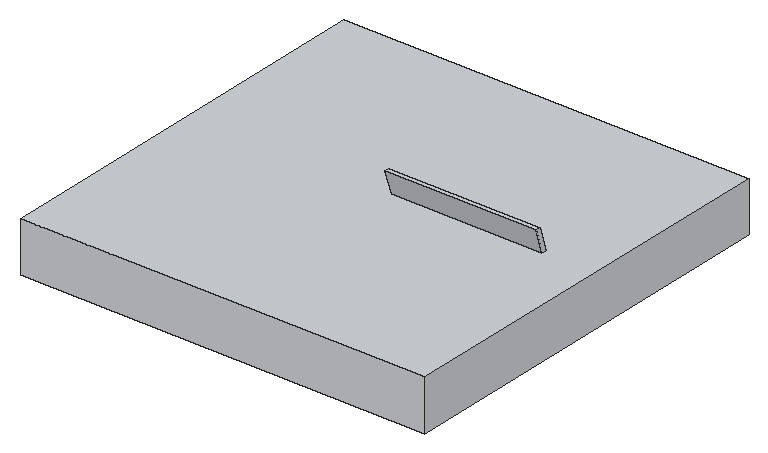
Revit family
Parameters
  Width = 0' - 1 3/16"
  URL = "www.coldspringgranite.com"
  TypicalJointSize = 0' - 0 1/4"
  TopJointOff = no
  TopJoint = if(TopJointOff, 0' 0", TypicalJointSize / 2)  # 0' - 0 1/8"
  StoneMaterial = none
  SplayLength = 0' - 2"
  RiserTop = Width / ((Height - TopJoint - BottomJoint) / (sqrt(((Height - TopJoint - BottomJoint) ^ 2) + (SplayLength ^ 2))))  # 0' - 1.25728"
  RiserOffsetTop = (TopJoint * SplayLength) / (Height - TopJoint - BottomJoint)  # 0' - 0.04348"
  RiserOffsetBottom = (BottomJoint * SplayLength) / (Height - TopJoint - BottomJoint)  # 0' - 0.04348"
  RightJointOff = no
  RightJoint = if(RightJointOff, 0' 0", TypicalJointSize / 2)  # 0' - 0 1/8"
  Product Name = "Stair Riser Stone for Veneered Application - Splayed Top and Bottom"
  Product Documentation Link = "http://www.coldspringgranite.com/BIM_Families/Family_Detail/Stair_Riser_Stone_for_Veneered_Application_-_Splayed_Top_and_Bottom/"
  PhoneNumber = "800-551-7502"
  Notes = ""
  Model = "N/A"
  Manufacturer = "Cold Spring Granite Company"
  Low Emitting Material = yes
  Low Emitting Finish = yes
  Location = "17482 Granite West Road, Cold Spring, MN  56320-4578"
  Length = 3' - 0"
  LeftJointOff = no
  LeftJoint = if(LeftJointOff, 0' 0", TypicalJointSize / 2)  # 0' - 0 1/8"
  LEED Credit = ""
  Keynote = "096340"
  Height = 0' - 6"
  Description = "Stone Riser - Splayed Top And Bottom"
  Default Elevation = 0' - 0"
  BottomJointOff = no
  BottomJoint = if(BottomJointOff, 0' 0", TypicalJointSize / 2)  # 0' - 0 1/8"
  Assembly Code = "C2010100"
  ADA Compliant = yes
Reference planes (in)
  plane 1 "Center (Front/Back)": y = 0
  plane 2: z = 0
  plane 3 "Center (Left/Right)": x = 0
  plane 4 "StoneFrontTop": y = 0.04348
  plane 5 "StoneFrontBottom": y = 1.95652
  plane 6 "StoneBackTop": y = 1.30076
  plane 7 "StoneBackBottom": y = 3.2138
  plane 8 "StoneLeft": x = 0.125
  plane 9 "StoneRight": x = 35.875
  plane 10 "Right": x = 36
  plane 11 "StoneBottom": z = 0.125
  plane 12 "StoneTop": z = 5.875
  plane 13 "Top": z = 6
  plane 14 "FrontBottom": y = 2
  plane 15 "BackTop": y = 1.25728
  plane 16 "BackBottom": y = 3.25728
Forms (in)
  Extrusion 1, solid
    sketch origin (0, 0, 0) x (1, 0, 0) y (0, 1, 0)
      loop
        line (-48, 48) -> (-48, -48) -> (48, -48) -> (48, 48) -> (-48, 48)
    from 0 to -12
  Extrusion 2, solid, material <- "StoneMaterial", detail levels coarse
    sketch origin (0, 0, 0) x (0, 1, 0) y (0, 0, 1)
      loop
        line (1.25917, 6) -> (0.00189, 6) -> (1.99811, 0) -> (3.25539, 0) -> (1.25917, 6)
    from 0 to 36
  Extrusion 3, solid, material <- "StoneMaterial", detail levels medium+fine
    sketch origin (0, 0, 0) x (0, 1, 0) y (0, 0, 1)
      loop
        line (1.30076, 5.875) -> (0.04348, 5.875) -> (1.95652, 0.125) -> (3.2138, 0.125) -> (1.30076, 5.875)
    from 0.125 to 35.875
Lines and regions (in)
  Masking region 1, detail levels coarse
    outline origin (0, 0, 0) x (1, 0, 0) y (0, 0, 1)
      loop
        line (36, 0) -> (36, 6) -> (0, 6) -> (0, 0) -> (36, 0)
  Masking region 2, detail levels medium+fine
    outline origin (0, 0, 0) x (1, 0, 0) y (0, 0, 1)
      loop
        line (0.125, 5.875) -> (0.125, 0.125) -> (35.875, 0.125) -> (35.875, 5.875) -> (0.125, 5.875)
  Masking region 3, detail levels coarse
    outline origin (0, 0, 0) x (0, 1, 0) y (0, 0, 1)
      loop
        line (1.25917, 6) -> (0.00189, 6) -> (1.99811, 0) -> (3.25539, 0) -> (1.25917, 6)
  Masking region 4, detail levels medium+fine
    outline origin (0, 0, 0) x (0, 1, 0) y (0, 0, 1)
      loop
        line (1.30076, 5.875) -> (0.04348, 5.875) -> (1.95652, 0.125) -> (3.2138, 0.125) -> (1.30076, 5.875)
  Masking region 5, detail levels coarse
    outline origin (0, 0, 6) x (-1, 0, 0) y (0, -1, 0)
      loop
        line (-36, 0) -> (-36, -1.25728) -> (0, -1.25728) -> (0, 0) -> (-36, 0)
  Masking region 6, detail levels coarse
    outline origin (0, 0, 0) x (1, 0, 0) y (0, 1, 0)
      loop
        line (36, 2) -> (36, 3.25728) -> (0, 3.25728) -> (0, 2) -> (36, 2)
  Masking region 7, detail levels medium+fine
    outline origin (0, 0, 6) x (-1, 0, 0) y (0, -1, 0)
      loop
        line (-0.125, -0.04348) -> (-35.875, -0.04348) -> (-35.875, -1.30076) -> (-0.125, -1.30076) -> (-0.125, -0.04348)
  Masking region 8, detail levels medium+fine
    outline origin (0, 0, 0) x (1, 0, 0) y (0, 1, 0)
      loop
        line (0.125, 1.95652) -> (35.875, 1.95652) -> (35.875, 3.2138) -> (0.125, 3.2138) -> (0.125, 1.95652)
  Masking region 9, detail levels medium+fine
    outline origin (0, 0, 0.125) x (-1, 0, 0) y (0, -1, 0)
      loop
        line (-0.125, -0.04348) -> (-35.875, -0.04348) -> (-35.875, -3.2138) -> (-0.125, -3.2138) -> (-0.125, -0.04348)
  Masking region 10, detail levels coarse
    outline origin (0, 0, 0.125) x (-1, 0, 0) y (0, -1, 0)
      loop
        line (0, -3.25728) -> (0, 0) -> (-36, 0) -> (-36, -3.25728) -> (0, -3.25728)
  reference lines
    curve 1: line (0, 0.04348, 5.875) -> (0, 1.95652, 0.125)
    curve 2: line (0, 1.30076, 5.875) -> (0, 3.2138, 0.125)
Dimensions and locks (in)
  "Length": plane 10 "Right" to plane 3 "Center (Left/Right)"
  "LeftJoint": plane 8 "StoneLeft" to plane 3 "Center (Left/Right)"
  "RightJoint": plane 9 "StoneRight" to plane 10 "Right"
  "Height": plane 13 "Top" to plane 2
  "TopJoint": plane 13 "Top" to plane 12 "StoneTop"
  "BottomJoint": plane 11 "StoneBottom" to plane 2
  "RiserOffsetTop": plane 4 "StoneFrontTop" to plane 1 "Center (Front/Back)"
  "RiserTop": plane 6 "StoneBackTop" to plane 4 "StoneFrontTop"
  "SplayLength": plane 14 "FrontBottom" to plane 1 "Center (Front/Back)"
  "RiserTop": plane 7 "StoneBackBottom" to plane 5 "StoneFrontBottom"
  "RiserOffsetBottom": plane 14 "FrontBottom" to plane 5 "StoneFrontBottom"
  "RiserOffsetBottom": plane 16 "BackBottom" to plane 7 "StoneBackBottom"
  "RiserOffsetTop": plane 6 "StoneBackTop" to plane 15 "BackTop"
  aligned and locked: plane 2 to Extrusion 1
  aligned and locked: level to Extrusion 1
  aligned and locked: plane 5 "StoneFrontBottom" to curve 1
  aligned and locked: plane 11 "StoneBottom" to curve 1
  aligned and locked: plane 4 "StoneFrontTop" to curve 1
  aligned and locked: plane 12 "StoneTop" to curve 1
  aligned and locked: plane 12 "StoneTop" to curve 2
  aligned and locked: plane 6 "StoneBackTop" to curve 2
  aligned and locked: plane 11 "StoneBottom" to curve 2
  aligned and locked: plane 7 "StoneBackBottom" to curve 2
  aligned and locked: Extrusion 2 sketch curve to curve 2
  aligned and locked: Extrusion 2 sketch curve to curve 1
  aligned and locked: plane 13 "Top" to Extrusion 2 sketch curve
  aligned and locked: plane 2 to Extrusion 2 sketch curve
  aligned and locked: Extrusion 2 to plane 3 "Center (Left/Right)"
  aligned and locked: Extrusion 2 to plane 10 "Right"
  aligned and locked: Extrusion 3 sketch curve to curve 2
  aligned and locked: Extrusion 3 sketch curve to curve 1
  aligned and locked: plane 11 "StoneBottom" to Extrusion 3 sketch curve
  aligned and locked: plane 12 "StoneTop" to Extrusion 3 sketch curve
  aligned and locked: plane 8 "StoneLeft" to Extrusion 3
  aligned and locked: Extrusion 3 to plane 9 "StoneRight"
  aligned and locked: Masking region 1 sketch curve to plane 10 "Right"
  aligned and locked: Masking region 1 sketch curve to plane 13 "Top"
  aligned and locked: Masking region 1 sketch curve to plane 3 "Center (Left/Right)"
  aligned and locked: Masking region 1 sketch curve to plane 2
  aligned and locked: Masking region 2 sketch curve to plane 12 "StoneTop"
  aligned and locked: Masking region 2 sketch curve to plane 11 "StoneBottom"
  aligned and locked: Masking region 2 sketch curve to plane 8 "StoneLeft"
  aligned and locked: Masking region 2 sketch curve to plane 9 "StoneRight"
  aligned and locked: Masking region 3 sketch curve to curve 2
  aligned and locked: Masking region 3 sketch curve to curve 1
  aligned and locked: plane 13 "Top" to Masking region 3 sketch curve
  aligned and locked: plane 2 to Masking region 3 sketch curve
  aligned and locked: Masking region 4 sketch curve to curve 2
  aligned and locked: Masking region 4 sketch curve to curve 1
  aligned and locked: plane 12 "StoneTop" to Masking region 4 sketch curve
  aligned and locked: plane 11 "StoneBottom" to Masking region 4 sketch curve
  aligned and locked: Masking region 5 sketch curve to plane 1 "Center (Front/Back)"
  aligned and locked: Masking region 5 sketch curve to plane 15 "BackTop"
  aligned and locked: Masking region 5 sketch curve to plane 3 "Center (Left/Right)"
  aligned and locked: Masking region 5 sketch curve to plane 10 "Right"
  aligned and locked: Masking region 6 sketch curve to plane 14 "FrontBottom"
  aligned and locked: Masking region 6 sketch curve to plane 16 "BackBottom"
  aligned and locked: Masking region 6 sketch curve to plane 3 "Center (Left/Right)"
  aligned and locked: Masking region 6 sketch curve to plane 10 "Right"
  aligned and locked: Masking region 7 sketch curve to plane 4 "StoneFrontTop"
  aligned and locked: Masking region 7 sketch curve to plane 6 "StoneBackTop"
  aligned and locked: Masking region 7 sketch curve to plane 8 "StoneLeft"
  aligned and locked: Masking region 7 sketch curve to plane 9 "StoneRight"
  aligned and locked: Masking region 8 sketch curve to plane 5 "StoneFrontBottom"
  aligned and locked: Masking region 8 sketch curve to plane 7 "StoneBackBottom"
  aligned and locked: Masking region 8 sketch curve to plane 8 "StoneLeft"
  aligned and locked: Masking region 8 sketch curve to plane 9 "StoneRight"
  aligned and locked: Masking region 9 sketch curve to plane 8 "StoneLeft"
  aligned and locked: Masking region 9 sketch curve to plane 9 "StoneRight"
  aligned and locked: Masking region 9 sketch curve to plane 7 "StoneBackBottom"
  aligned and locked: Masking region 9 sketch curve to plane 4 "StoneFrontTop"
  aligned and locked: Masking region 10 sketch curve to plane 3 "Center (Left/Right)"
  aligned and locked: Masking region 10 sketch curve to plane 16 "BackBottom"
  aligned and locked: Masking region 10 sketch curve to plane 1 "Center (Front/Back)"
  aligned and locked: Masking region 10 sketch curve to plane 10 "Right"
Automatic sketch dimensions
  Extrusion 1 sketch curve to Extrusion 1 sketch curve = 8' - 0"  (x2)
Nested families (in)
  nested 1: "CopyRight" at (0, 0, 0), type "CopyRight"
Definition of nested family "CopyRight"
  Parameters (values of type "CopyRight")
    CopyRight = "Cold Spring Granite Company"
  Reference planes (in)
    plane 1: z = 0
